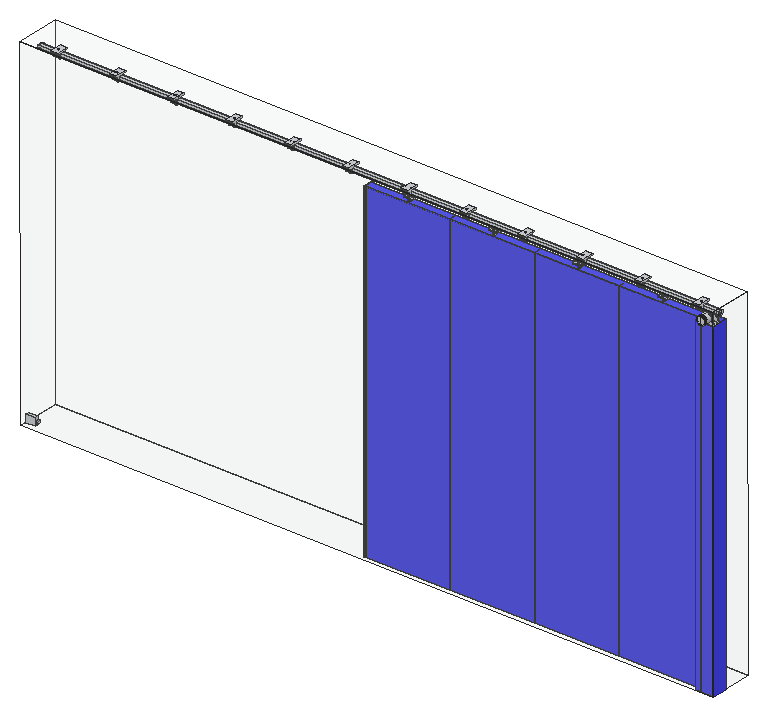
Revit family "Somati-System_SGS_Horizontal-fire-sliding-door_9040_ceiling_EI60_W-to-H-less-or-equal-1,3", category Doors, host Wall, Revit 2018
Family settings
  Host = Wall
  OmniClass Number = 23.30.10.00
  OmniClass Title = Doors
  Always vertical = Yes
  Cut with Voids When Loaded = No
  Shared = No
  Room Calculation Point = No
Parameters (values of type "EI 60")
  Youtube clip = "https://www.youtube.com/watch?v=pRjbxBvixFY&feature=emb_logo"
  Wing top offset [instance] = 88 mm  # constant formula
  Wing thickness = 71.2 mm
  Wing access (D) [instance] = [Width (W)] + 150 mm  # 3650 mm
  Width (W) [instance] = 3500 mm
  Weight Net (Kg) = "0"
  Uniformat II Description = ""
  Uniformat II Code = ""
  Uniclass 2015 Name = ""
  Uniclass 2015 Code = ""
  Uniclass 2.0 Description = ""
  Uniclass 2.0 Code = ""
  Uniclass 1.4 Description = ""
  Uniclass 1.4 Code = ""
  UNSPSC Code = ""
  Total height (Z) [instance] = Height Control + 225 mm  # 3725 mm
  Thickness = 0 mm
  Technical description = "https://somati-system.pl/en/download/sgs-download-en/"
  Region South America = "None"
  Region Oceania = "None"
  Region North America = "None"
  Region Middle East = "None"
  Region Europe = "AD, AL, AT, AX, BA, BE, BG, BY, CH, CY, CZ, DE, DK, EE, ES, FI, FO, FR, GB, GG, GI, GR, HR, HU, IE, IM, IS, IT, JE, LI, LT, LU, LV, MC, MD, ME, MK, MT, NL, NO, PL, PT, RO, RS, RU, SE, SI, SJ, SK, SM, UA, VA"
  Region Asia = "None"
  Region Antarctica = "None"
  Region Africa = "None"
  Rail and assembly materials [instance] = none
  QR code = "http://bimobject.com/somati-system/product/SGS_HORIZONTAL_FIRE_SLIDING_DOOR"
  Product url = "https://somati-system.pl/en/products/sgs-horizontal-fire-sliding-doors/"
  Product group = "SGS"
  Product family = "SGS"
  Product data url = "https://bimobject.com/somati-system/product/SGS_HORIZONTAL_FIRE_SLIDING_DOOR"
  Product certification = ""
  Product SKU = "SGS_HORIZONTAL_FIRE_SLIDING_DOOR"
  Product Guid = "8235eb12-0acf-4b60-9ca9-7613396e8d01"
  Power supply of control panel = "230V/50Hz/6A"  # constant formula
  Panel width [instance] = ([Width (W)] + 168 mm) / Number of panels in wing  # 917 mm
  Panel material = Somati - Stainless Steel - Custom
  Panel height [instance] = Height Control + Wing top offset  # 3588 mm
  OmniClass Description = ""
  OmniClass Code = ""
  Offset Right [instance] = [Counterweight housing (A2)]  # 210 mm
  Offset Left [instance] = 0 mm
  Number of panels in wing [instance] = roundup([Width (W)] / 1000 mm)  # 4
  Number of hangers [instance] = ([Guide rail length (K)] - 210 mm) / 600 mm  # 12
  Nominal width = 0 mm
  Nominal height = 0 mm
  NBS Reference Description = ""
  NBS Reference Code = ""
  Model = "SGS"  # constant formula
  Max number of opening cycles = 50000  # constant formula
  Material secondary = "Composite"
  Material main = "Steel"
  Masterformat 2014 Description = ""
  Masterformat 2014 Code = ""
  Manufacturer name = "Somati System"
  Manufacturer country = "Poland"
  Manufacturer = "Somati System"  # constant formula
  Installation instructions = ""
  IFC Classification = ""
  Height Control [instance] = if([Height (H)] > 3500 mm, 3500 mm, [Height (H)])  # 3500 mm
  Height (H) [instance] = 4000 mm
  Guide rail lower edge (B1) [instance] = Height Control + 160 mm  # 3660 mm
  Guide rail length (K) [instance] = [Wing access (D)] + [Width (W)] + [Counterweight housing (A2)]  # 7360 mm
  Gate Control type = "Electromagnetic brake"  # constant formula
  GTIN code = ""
  Function = Interior
  Height = 3000 mm
  Wall Closure = By host
  Width = 3000 mm
  Fire resistance = "EI 60, EI 120 n"  # constant formula
  Edition number = 1
  Design country = "Poland"
  Date of publishing = ""
  Counterweight housing (A2) [instance] = if([Width (W)] / Height Control > 1.3, 360 mm, 210 mm)  # 210 mm
  Console mounting axis (B2) [instance] = if(Height Control > 3500 mm, Height Control + 239 mm, Height Control + 179 mm)  # 3679 mm
  Clearance Area Visibility [instance] = yes
  COBIe Type Category = ""
  Buffer (A1) [instance] = [Wing access (D)] + 130 mm  # 3780 mm
  Brand url = ""
  BIMobject main category code = "doors"
  BIMobject main category = "Doors"
  BIMobject category code = "doors-fire"
  BIMobject category = "Fire Doors & Shutters"
  Available surface fnish = "Galvanized Stainless Steel PVC, MDF, HDF, laminate or veneer, STANDARD RAL 7035, 9002, 9006, 9010, and powder coating of whole RAL pallet"  # constant formula
Reference planes
  plane 1: y = 0
  plane 2 "Center (Left/Right)": x = 0
  plane 3 "Left": x = -1750
  plane 4 "Right": x = 1750
  plane 5 "Cutout height": z = 3500
  plane 6 "Exterior": y = 150
  plane 7 "Interior": y = -150
  plane 8 "Consoles mounting axis": z = 3679
  plane 9 "Total height top": z = 3725
  plane 10 "Guide rail bottom": z = 3660
  plane 11 "Wing access": x = -5400
  plane 12 "Buffer placement": x = -5530
  plane 13 "Counterweight housing": x = 1960
  plane 14 "Handle": z = 1050
  plane 15 "Wing end left": x = -1858
  plane 16 "Wing end top": z = 3588
  plane 17 "Wing end right": x = 1810
  plane 18: y = -324
  plane 19 "Wing axis": y = -225.5
  plane 20: y = -75
  plane 21: y = -184.9
  plane 22: y = -266.1
  plane 23: x = -1860
  plane 24 "end of hangers": x = -5190
  plane 25: x = -1040
  plane 26: x = -1795
  plane 27: y = -291.1
  plane 28: y = -159.9
  plane 29: x = -5740
  plane 30: x = -5539
  plane 31: x = -5639.5
  plane 32: x = 1960
  plane 33: x = -5530
  plane 34: x = -5635
  plane 35: z = 3654
  plane 36: x = 1885
Forms (mm)
  Sweep 1, solid
    path origin (0, -150, 0) x (1, 0, 0) y (0, 0, 1)
      loop
        line (-1750, 0) -> (-1750, 3482) -> (1750, 3482)
    profile origin (-1750, -150, 1741) x (-1, 0, 0) y (0, -1, 0)
      loop
        line (20, 33) -> (20, 4)
        arc (20, 4) -> (21.172, 1.172) -> (24, 0) r 4
        line (24, 0) -> (66, 0)
        arc (66, 0) -> (68.828, 1.172) -> (70, 4) r 4
        line (70, 4) -> (70, 29)
        arc (70, 29) -> (70.586, 30.414) -> (72, 31) r 2
        line (72, 31) -> (93, 31) -> (93, 33) -> (20, 33)
  Sweep 2, solid, material "Somati - Stainless Steel - Custom" <- "Panel material"
    path origin (0, -150, 0) x (1, 0, 0) y (0, 0, 1)
      loop
        line (-1858, 3588) -> (-1858, 0)
    profile origin (-1858, -150, 1794) x (0, -1, 0) y (1, 0, 0)
      loop
        arc (18.1, 2) -> (19.272, -0.828) -> (22.1, -2) r 4
        line (22.1, -2) -> (114.1, -2)
        arc (114.1, -2) -> (116.928, -0.828) -> (118.1, 2) r 4
        line (118.1, 2) -> (118.1, 13) -> (116.1, 13) -> (116.1, 2)
        arc (116.1, 2) -> (115.514, 0.586) -> (114.1, 0) r 2
        line (114.1, 0) -> (22.1, 0)
        arc (22.1, 0) -> (20.686, 0.586) -> (20.1, 2) r 2
        line (20.1, 2) -> (20.1, 23) -> (18.1, 23) -> (18.1, 2)
  Sweep 3, solid, material "Somati - Stainless Steel - Custom" <- "Panel material"
    path origin (0, -150, 0) x (1, 0, 0) y (0, 0, 1)
      loop
        line (-1860, 3588) -> (1810, 3588)
    profile origin (-25, -150, 3588) x (0, 0, 1) y (0, -1, 0)
      loop
        line (-23, 19.5) -> (-23, 17.5) -> (-2, 17.5)
        arc (-2, 17.5) -> (0.828, 18.672) -> (2, 21.5) r 4
        line (2, 21.5) -> (2, 117.5) -> (0, 117.5) -> (0, 21.5)
        arc (0, 21.5) -> (-0.586, 20.086) -> (-2, 19.5) r 2
        line (-2, 19.5) -> (-23, 19.5)
  Sweep 4, solid, material "Somati - Stainless Steel - Custom" <- "Panel material"
    path origin (0, -150, 0) x (1, 0, 0) y (0, 0, 1)
      loop
        line (1960, 3588) -> (1960, 0)
    profile origin (1960, -150, 1794) x (0, -1, 0) y (1, 0, 0)
      loop
        line (161, -198) -> (161, 0) -> (0, 0) -> (0, -201) -> (33, -201) -> (33, -152) -> (124, -152) -> (124, -198) -> (161, -198)
      loop
        line (2, -150) -> (127, -150) -> (127, -195) -> (157, -195) -> (157, -3) -> (2, -3) -> (2, -150)
  Sweep 5, solid, material <- "Rail and assembly materials"
    path origin (0, -150, -4.5) x (1, 0, 0) y (0, 0, 1)
      loop
        line (-5400, 3664.5) -> (1960, 3664.5)
    profile origin (-1720, -150, 3660) x (0, 0, 1) y (0, -1, 0)
      loop
        line (0, 85.481) -> (3, 85.481) -> (3, 92.751)
        arc (3, 92.751) -> (3.18, 93.314) -> (3.654, 93.668) r 0.97
        line (3.654, 93.668) -> (17.063, 98.286)
        arc (17.063, 98.286) -> (17.637, 98.432) -> (18.228, 98.481) r 3.578
        line (18.228, 98.481) -> (41.023, 98.481)
        arc (41.023, 98.481) -> (41.714, 98.195) -> (42, 97.504) r 0.977
        line (42, 97.504) -> (42, 53.496)
        arc (42, 53.496) -> (41.703, 52.778) -> (40.985, 52.481) r 1.015
        line (40.985, 52.481) -> (18.23, 52.481)
        arc (18.23, 52.481) -> (17.637, 52.53) -> (17.06, 52.677) r 3.593
        line (17.06, 52.677) -> (3.641, 57.298)
        arc (3.641, 57.298) -> (3.177, 57.645) -> (3, 58.198) r 0.951
        line (3, 58.198) -> (3, 65.481) -> (0, 65.481) -> (0, 56.09)
        arc (0, 56.09) -> (0.207, 55.481) -> (0.742, 55.124) r 1
        line (0.742, 55.124) -> (16.089, 49.838)
        arc (16.089, 49.838) -> (17, 49.571) -> (17.945, 49.481) r 5
        line (17.945, 49.481) -> (42, 49.481)
        arc (42, 49.481) -> (44.121, 50.36) -> (45, 52.481) r 3
        line (45, 52.481) -> (45, 98.481)
        arc (45, 98.481) -> (44.121, 100.602) -> (42, 101.481) r 3
        line (42, 101.481) -> (17.945, 101.481)
        arc (17.945, 101.481) -> (17, 101.391) -> (16.089, 101.123) r 5
        line (16.089, 101.123) -> (0.742, 95.838)
        arc (0.742, 95.838) -> (0.207, 95.481) -> (0, 94.872) r 1
        line (0, 94.872) -> (0, 85.481)
  Extrusion 6, solid, material "Clearance Areas", visible <- "Clearance Area Visibility"
    sketch origin (-2209.467, 358.585, 220.701) x (1, 0, 0) y (0, 0, -1)
      loop
        line (-3320.533, 220.701) -> (-3320.533, -3504.299) -> (4169.467, -3504.299) -> (4169.467, 220.701) -> (-3320.533, 220.701)
    from -682.585 to -208.585
  Sweep 7, solid, material "Somati - Stainless Steel - Custom" <- "Panel material"
    path origin (0, -150, 0) x (1, 0, 0) y (0, 0, 1)
      loop
        line (1750, 0) -> (1750, 3588)
    profile origin (1750, -150, 1794) x (-1, 0, 0) y (0, -1, 0)
      loop
        line (-9, 0) -> (-9, 33) -> (-58, 33) -> (-58, 124) -> (-12, 124) -> (-12, 161) -> (-60, 161) -> (-60, 0) -> (-9, 0)
Lines and regions (mm)
  Opening 1
    outline origin (-3050, -150, 0) x (1, 0, 0) y (0, 0, 1)
      loop
        line (1300, 0) -> (4800, 0) -> (4800, 3500) -> (1300, 3500) -> (1300, 0)
Text (mm)
  text "Exterior" at (-2295.016, 1099.543, 0), in view "Ref. Level"
  text "Exterior" at (0, 1615.38, 3698.081), in view "Left"
  text "Exterior" at (0, 1036.032, 3874.932), in view "Right"
Dimensions and locks
  equal spacing: plane 3 "Left", plane 2 "Center (Left/Right)", plane 4 "Right"
  "Width (W)": plane 3 "Left" to plane 4 "Right"
  "Height Control": plane 5 "Cutout height" to host wall
  host wall to plane 5 "Cutout height" = 3500 mm  (x2)
  locked: plane 6 "Exterior" to host wall at 0
  locked: plane 7 "Interior" to host wall
  "Total height (Z)": plane 9 "Total height top" to level
  "Console mounting axis (B2)": plane 8 "Consoles mounting axis" to level
  "Guide rail lower edge (B1)": plane 10 "Guide rail bottom" to level
  "Buffer (A1)": plane 12 "Buffer placement" to plane 3 "Left"
  "Counterweight housing (A2)": plane 4 "Right" to plane 13 "Counterweight housing"
  "Wing access (D)": plane 11 "Wing access" to plane 3 "Left"
  locked: plane 14 "Handle" to level at 1050
  equal spacing: plane 21, plane 19 "Wing axis", plane 22
  equal spacing: group 1, group 6, group 14, group 2  (x3)
  locked: plane 4 "Right" to plane 17 "Wing end right" at 60
  "Wing top offset": plane 16 "Wing end top" to plane 5 "Cutout height"
  locked: plane 23 to plane 15 "Wing end left" at 2
  locked: Sweep 1 sketch curve to plane 5 "Cutout height" at 18
  locked: plane 24 "end of hangers" to plane 11 "Wing access" at 210
  equal spacing: group 4, group 16, group 15, group 13, group 12, group 11, group 10, group 9, group 8, group 7, group 5, group 3
  equal spacing: group 3, group 5, group 7, group 8, group 9, group 10, group 11, group 12, group 13, group 15, group 16, group 4  (x2)
  locked: plane 26 to plane 3 "Left" at 45
  locked: plane 28 to plane 21 at 25
  locked: plane 22 to plane 27 at 25
  plane 15 "Wing end left" to plane 3 "Left" = 108 mm
  locked: Sweep 4 to plane 19 "Wing axis" at 85.5
  locked: Sweep 4 sketch curve to Sweep 4 sketch curve at 3
  "Counterweight housing (A2)": plane 29 to plane 12 "Buffer placement"
  locked: plane 30 to plane 12 "Buffer placement" at 9
  equal spacing: plane 30, plane 31, plane 29
  "Offset Left": plane 33 to plane 12 "Buffer placement"
  "Offset Right": plane 4 "Right" to plane 32
  equal spacing: plane 29, plane 34, plane 12 "Buffer placement"
  locked: plane 35 to plane 16 "Wing end top" at 66
  equal spacing: plane 17 "Wing end right", plane 36, plane 32
  locked: plane 19 "Wing axis" to host wall at 75.5
  aligned and locked: plane 3 "Left" to Opening 1 sketch curve
  aligned and locked: plane 5 "Cutout height" to Opening 1 sketch curve  (x2)
  aligned and locked: Opening 1 sketch curve to plane 4 "Right"
  aligned and locked: Opening 1 sketch curve to level
  aligned and locked: host wall to plane 1
  aligned and locked: nested 1 to plane 19 "Wing axis"
  aligned and locked: plane 15 "Wing end left" to nested 1
  aligned and locked: plane 17 "Wing end right" to nested 2
  aligned and locked: Sweep 1 sketch curve to plane 3 "Left"
  aligned and locked: plane 3 "Left" to Sweep 1 sketch curve
  aligned and locked: plane 4 "Right" to Sweep 1 sketch curve
  aligned and locked: level to Sweep 1 sketch curve
  aligned and locked: Sweep 2 sketch curve to plane 15 "Wing end left"
  aligned and locked: plane 16 "Wing end top" to Sweep 2 sketch curve
  aligned and locked: level to Sweep 2 sketch curve
  aligned and locked: Sweep 3 sketch curve to plane 16 "Wing end top"
  aligned and locked: Sweep 3 sketch curve to plane 23
  aligned and locked: plane 16 "Wing end top" to Sweep 4 sketch curve
  aligned and locked: plane 17 "Wing end right" to Sweep 3 sketch curve
  aligned and locked: nested 3 to plane 9 "Total height top"
  aligned and locked: plane 19 "Wing axis" to nested 3
  aligned and locked: plane 4 "Right" to nested 3
  aligned and locked: nested 4 to plane 24 "end of hangers"
  aligned and locked: nested 4 to plane 9 "Total height top"
  aligned and locked: plane 6 "Exterior" to Extrusion 6
  aligned and locked: plane 13 "Counterweight housing" to Extrusion 6
  aligned and locked: Extrusion 6 to plane 12 "Buffer placement"
  aligned and locked: Extrusion 6 to plane 18
  aligned and locked: plane 9 "Total height top" to Extrusion 6
  aligned and locked: nested 2 to plane 19 "Wing axis"
  aligned and locked: plane 19 "Wing axis" to nested 4
  aligned and locked: plane 22 to Sweep 2
  aligned and locked: profile plane to Sweep 4 sketch curve
  aligned and locked: plane 17 "Wing end right" to Sweep 4 sketch curve
  aligned and locked: nested 6 to plane 19 "Wing axis"
  aligned and locked: nested 6 to plane 12 "Buffer placement"
  aligned and locked: Sweep 7 sketch curve to plane 4 "Right"
  aligned and locked: plane 16 "Wing end top" to Sweep 7 sketch curve
  aligned and locked: plane 32 to Sweep 5 sketch curve
  aligned and locked: Sweep 5 sketch curve to plane 10 "Guide rail bottom"
  aligned and locked: plane 11 "Wing access" to Sweep 5 sketch curve
  aligned and locked: nested 15 to plane 35
  aligned and locked: nested 15 to plane 19 "Wing axis"
  aligned and locked: plane 36 to nested 15
Automatic sketch dimensions
  plane 7 "Interior" to Sweep 1 sketch curve = 0 mm
  Sweep 1 sketch curve to profile plane = 20 mm
  Sweep 1 sketch curve to Sweep 1 sketch curve = 4 mm
  plane 7 "Interior" to Sweep 1 sketch curve = 4 mm
  Sweep 1 sketch curve to Sweep 1 sketch curve = 42 mm
  Sweep 1 sketch curve to Sweep 1 sketch curve = 2 mm
  Sweep 1 sketch curve to Sweep 1 sketch curve = 21 mm
  Sweep 1 sketch curve to Sweep 1 sketch curve = 25 mm
  Sweep 1 sketch curve to Sweep 1 sketch curve = 29 mm
  Sweep 2 sketch curve to Sweep 2 sketch curve = 0 mm  (x4)
  Sweep 2 sketch curve to profile plane = 0 mm
  Sweep 2 sketch curve to profile plane = 2 mm  (x2)
  plane 7 "Interior" to Sweep 2 sketch curve = 18.1 mm
  Sweep 2 sketch curve to Sweep 2 sketch curve = 2 mm
  Sweep 2 sketch curve to Sweep 2 sketch curve = 92 mm
  Sweep 2 sketch curve to Sweep 2 sketch curve = 11 mm
  Sweep 2 sketch curve to Sweep 2 sketch curve = 21 mm
  Sweep 3 sketch curve to Sweep 3 sketch curve = 0 mm  (x2)
  profile plane to Sweep 3 sketch curve = 0 mm
  profile plane to Sweep 3 sketch curve = 2 mm
  Sweep 3 sketch curve to Sweep 3 sketch curve = 21 mm
  Sweep 3 sketch curve to Sweep 3 sketch curve = 2 mm
  plane 7 "Interior" to Sweep 3 sketch curve = 17.5 mm
  Sweep 3 sketch curve to Sweep 3 sketch curve = 96 mm
  Sweep 4 sketch curve to level = 0 mm
  Sweep 4 sketch curve to plane 13 "Counterweight housing" = 0 mm
  plane 7 "Interior" to Sweep 4 sketch curve = 0 mm
  plane 7 "Interior" to Sweep 4 sketch curve = 2 mm
  Sweep 4 sketch curve to Sweep 4 sketch curve = 31 mm
  Sweep 4 sketch curve to Sweep 4 sketch curve = 91 mm
  Sweep 4 sketch curve to Sweep 4 sketch curve = 3 mm  (x2)
  Sweep 4 sketch curve to Sweep 4 sketch curve = 30 mm
  Sweep 4 sketch curve to Sweep 4 sketch curve = 4 mm
  Sweep 4 sketch curve to Sweep 4 sketch curve = 2 mm
  Sweep 4 sketch curve to Sweep 4 sketch curve = 45 mm
  Sweep 4 sketch curve to Sweep 4 sketch curve = 49 mm
  Extrusion 6 sketch curve to plane 9 "Total height top" = 0 mm
  Extrusion 6 sketch curve to plane 12 "Buffer placement" = 0 mm
  Extrusion 6 sketch curve to plane 13 "Counterweight housing" = 0 mm
  Extrusion 6 sketch curve to level = 0 mm
  Sweep 7 sketch curve to plane 14 "Handle" = 1050 mm
  plane 7 "Interior" to Sweep 7 sketch curve = 0 mm
  profile plane to Sweep 7 sketch curve = 60 mm
  Sweep 7 sketch curve to Sweep 7 sketch curve = 2 mm
  profile plane to Sweep 7 sketch curve = 12 mm
  profile plane to Sweep 7 sketch curve = 9 mm
  plane 7 "Interior" to Sweep 7 sketch curve = 33 mm
  Sweep 7 sketch curve to Sweep 7 sketch curve = 91 mm
  Sweep 7 sketch curve to Sweep 7 sketch curve = 37 mm
  profile plane to Sweep 5 sketch curve = 0 mm  (x2)
  Sweep 5 sketch curve to Sweep 5 sketch curve = 0.742 mm  (x2)
  Sweep 5 sketch curve to Sweep 5 sketch curve = 1 mm  (x2)
  Sweep 5 sketch curve to Sweep 5 sketch curve = 3 mm  (x3)
  Sweep 5 sketch curve to Sweep 5 sketch curve = 0.641 mm
  Sweep 5 sketch curve to Sweep 5 sketch curve = 0.654 mm
  Sweep 5 sketch curve to Sweep 5 sketch curve = 0.951 mm
  Sweep 5 sketch curve to Sweep 5 sketch curve = 0.97 mm
  Sweep 5 sketch curve to Sweep 5 sketch curve = 12.435 mm
  Sweep 5 sketch curve to Sweep 5 sketch curve = 12.447 mm
  Sweep 5 sketch curve to Sweep 5 sketch curve = 0.972 mm
  Sweep 5 sketch curve to Sweep 5 sketch curve = 0.974 mm
  Sweep 5 sketch curve to Sweep 5 sketch curve = 1.857 mm
  Sweep 5 sketch curve to Sweep 5 sketch curve = 0.885 mm
  Sweep 5 sketch curve to Sweep 5 sketch curve = 0.282 mm
  Sweep 5 sketch curve to Sweep 5 sketch curve = 1.17 mm
  Sweep 5 sketch curve to Sweep 5 sketch curve = 22.755 mm
  Sweep 5 sketch curve to Sweep 5 sketch curve = 22.795 mm
  Sweep 5 sketch curve to Sweep 5 sketch curve = 1.015 mm  (x2)
  Sweep 5 sketch curve to Sweep 5 sketch curve = 0 mm
  plane 7 "Interior" to Sweep 5 sketch curve = 49.481 mm
  Sweep 5 sketch curve to Sweep 5 sketch curve = 0.357 mm
  Sweep 5 sketch curve to Sweep 5 sketch curve = 2 mm
  Sweep 5 sketch curve to Sweep 5 sketch curve = 0.196 mm
  Sweep 5 sketch curve to Sweep 5 sketch curve = 5.286 mm
  Sweep 5 sketch curve to Sweep 5 sketch curve = 1.208 mm
  Sweep 5 sketch curve to Sweep 5 sketch curve = 7.283 mm
  Sweep 5 sketch curve to Sweep 5 sketch curve = 20 mm
  Sweep 5 sketch curve to Sweep 5 sketch curve = 7.27 mm
  Sweep 5 sketch curve to Sweep 5 sketch curve = 2.121 mm
  Sweep 5 sketch curve to Sweep 5 sketch curve = 2.152 mm
  Sweep 5 sketch curve to Sweep 5 sketch curve = 1.578 mm
  Sweep 5 sketch curve to Sweep 5 sketch curve = 2.601 mm
  Sweep 5 sketch curve to Sweep 5 sketch curve = 0.977 mm
Nested families
  nested 1: "Family2" at (-1399.5, -225.5, 0), Material <- "Panel material", Width <- "Panel width", Thickness <- "Wing thickness", Height <- "Panel height", type "Family2"
    with Width 917 mm, Thickness 71.2 mm, Material Somati - Stainless Steel - Custom, Height 3588 mm
  nested 2: "Family2" at (1351.5, -225.5, 0), Material <- "Panel material", Width <- "Panel width", Thickness <- "Wing thickness", Height <- "Panel height", type "Family2"
    with Width 917 mm, Thickness 71.2 mm, Material Somati - Stainless Steel - Custom, Height 3588 mm
  nested 3: "Family3" at (1716, -225.5, 3725) x (0, 1, 0) z (1, 0, 0), type "Family3", detail levels medium+fine
  nested 4: "Family3" at (-5224, -225.5, 3725) x (0, 1, 0) z (1, 0, 0), type "Family3", detail levels medium+fine
  nested 5: "Family3" at (1085.091, -225.5, 3725) x (0, 1, 0) z (1, 0, 0), type "Family3", detail levels medium+fine
  nested 6: "Stopper" at (-5480.037, -225.5, 0), type "Stopper", detail levels medium+fine
  nested 7: "Family2" at (-482.5, -225.5, 0), Material <- "Panel material", Width <- "Panel width", Thickness <- "Wing thickness", Height <- "Panel height", type "Family2"
    with Width 917 mm, Thickness 71.2 mm, Material Somati - Stainless Steel - Custom, Height 3588 mm
  nested 8: "Family3" at (454.182, -225.5, 3725) x (0, 1, 0) z (1, 0, 0), type "Family3", detail levels medium+fine
  nested 9: "Family3" at (-176.727, -225.5, 3725) x (0, 1, 0) z (1, 0, 0), type "Family3", detail levels medium+fine
  nested 10: "Family3" at (-807.636, -225.5, 3725) x (0, 1, 0) z (1, 0, 0), type "Family3", detail levels medium+fine
  nested 11: "Family3" at (-1438.545, -225.5, 3725) x (0, 1, 0) z (1, 0, 0), type "Family3", detail levels medium+fine
  nested 12: "Family3" at (-2069.455, -225.5, 3725) x (0, 1, 0) z (1, 0, 0), type "Family3", detail levels medium+fine
  nested 13: "Family3" at (-2700.364, -225.5, 3725) x (0, 1, 0) z (1, 0, 0), type "Family3", detail levels medium+fine
  nested 14: "Family3" at (-3331.273, -225.5, 3725) x (0, 1, 0) z (1, 0, 0), type "Family3", detail levels medium+fine
  nested 15: "brake" at (1885, -225.5, 3633.165) x (1, 0, 0) z (0, -1, 0), type "brake"
  nested 16: "Family2" at (434.5, -225.5, 0), Material <- "Panel material", Width <- "Panel width", Thickness <- "Wing thickness", Height <- "Panel height", type "Family2"
    with Width 917 mm, Thickness 71.2 mm, Material Somati - Stainless Steel - Custom, Height 3588 mm
  nested 17: "Family3" at (-3962.182, -225.5, 3725) x (0, 1, 0) z (1, 0, 0), type "Family3", detail levels medium+fine
  nested 18: "Family3" at (-4593.091, -225.5, 3725) x (0, 1, 0) z (1, 0, 0), type "Family3", detail levels medium+fine
Definition of nested family "Family2"
  Parameters (values of type "Family2")
    Width [instance] = 349.761 mm
    Thickness [instance] = 117.742 mm
    Material [instance] = none
    Height [instance] = 398.765 mm
    Hardware material = none
  Reference planes
    plane 1 "Center (Front/Back)": y = 0
    plane 2: z = 0
    plane 3 "Center (Left/Right)": x = 0
    plane 4: x = -174.88
    plane 5: x = 174.88
    plane 6: y = 58.871
    plane 7: y = -58.871
    plane 8: z = 398.765
  Forms (mm)
    Extrusion 1, solid, material <- "Material"
      sketch origin (0, 0, 0) x (1, 0, 0) y (0, 1, 0)
        loop
          line (-174.88, -58.871) -> (174.88, -58.871) -> (174.88, 58.871) -> (-174.88, 58.871) -> (-174.88, -58.871)
      from 0 to 398.765
  Dimensions and locks
    equal spacing: plane 4, plane 3 "Center (Left/Right)", plane 5
    "Width": plane 4 to plane 5
    equal spacing: plane 6, plane 1 "Center (Front/Back)", plane 7
    "Thickness": plane 6 to plane 7
    "Height": plane 8 to plane 2
    aligned and locked: level to plane 2
    aligned and locked: plane 6 to Extrusion 1
    aligned and locked: Extrusion 1 to plane 7
    aligned and locked: Extrusion 1 to plane 4
    aligned and locked: plane 5 to Extrusion 1
    aligned and locked: plane 6 to Extrusion 1 sketch curve
    aligned and locked: Extrusion 1 sketch curve to plane 7
    aligned and locked: Extrusion 1 sketch curve to plane 4
    aligned and locked: plane 5 to Extrusion 1 sketch curve
    aligned and locked: plane 8 to Extrusion 1
    aligned and locked: plane 3 "Center (Left/Right)" to nested 1
    aligned and locked: plane 1 "Center (Front/Back)" to nested 1
    aligned and locked: nested 1 to plane 8
  Nested families
    nested 1: "Family1" at (0, 0, 491.765), type "Family1", detail levels medium+fine
  Definition of nested family "Family1"
    Parameters (values of type "Family1")
      Material = none
    Reference planes
      plane 1 "Center (Front/Back)": y = 0
      plane 2: z = 0
      plane 3 "Center (Left/Right)": x = 0
      plane 4: y = 1.5
      plane 5: y = -1.5
      plane 6: z = -93
    Forms (mm)
      Extrusion 1, solid, material <- "Material"
        sketch origin (0, 0, 0) x (0, 1, 0) y (0, 0, 1)
          loop
            line (11, -54) -> (-26.5, -54) -> (-26.5, -60) -> (11, -60)
            arc (11, -60) -> (16.303, -57.803) -> (18.5, -52.5) r 7.5
            line (18.5, -52.5) -> (18.5, -45.5)
            arc (18.5, -45.5) -> (16.303, -40.197) -> (11, -38) r 7.5
            line (11, -38) -> (9, -38)
            arc (9, -38) -> (4.757, -36.243) -> (3, -32) r 6
            line (3, -32) -> (3, 17.5) -> (-3, 17.5) -> (-3, -32)
            arc (-3, -32) -> (0.515, -40.485) -> (9, -44) r 12
            line (9, -44) -> (11, -44)
            arc (11, -44) -> (12.061, -44.439) -> (12.5, -45.5) r 1.5
            line (12.5, -45.5) -> (12.5, -52.5)
            arc (12.5, -52.5) -> (12.061, -53.561) -> (11, -54) r 1.5
        from -45 to 45
      Revolve 2, solid, material <- "Material"
        sketch origin (0, 0, 0) x (1, 0, 0) y (0, 0, 1)
          loop
            arc (8.25, -46) -> (4.244, -44.507) -> (0, -44) r 18.016
            line (0, -44) -> (0, -184) -> (6.5, -184) -> (8, -182.5) -> (8, -91) -> (10.125, -91)
            arc (10.125, -91) -> (11.933, -90.664) -> (13.5, -89.7) r 5.031
            line (13.5, -89.7) -> (13.5, -84.8)
            arc (13.5, -84.8) -> (12.037, -83.478) -> (10.125, -83) r 4.064
            line (10.125, -83) -> (8, -83) -> (8, -71) -> (10.125, -71)
            arc (10.125, -71) -> (11.933, -70.664) -> (13.5, -69.7) r 5.031
            line (13.5, -69.7) -> (13.5, -64.8)
            arc (13.5, -64.8) -> (12.037, -63.478) -> (10.125, -63) r 4.064
            line (10.125, -63) -> (15, -63) -> (15, -60) -> (8, -60) -> (8, -54) -> (16.5, -54) -> (16.5, -46)
            arc (16.5, -46) -> (12.375, -44) -> (8.25, -46) r 5.254
          axis (0, -44) -> (0, -184)
        angle from 0 to 360
      Extrusion 3, void
        sketch origin (0, 0, 0) x (1, 0, 0) y (0, 0, 1)
          loop
            line (45, -25) -> (45, 17.5) -> (-45, 17.5) -> (-45, -25)
            arc (-45, -25) -> (0, 15) -> (45, -25) r 45.312
        from -23 to 30.5
      Extrusion 4, solid, material <- "Material"
        sketch origin (0, 0, 0) x (1, 0, 0) y (0, 0, 1)
          loop
            circle (70, 0) r 17
        from -17 to -7
      Sweep 5, void
        path in 3D
          loop
            arc (87, 7, 0) -> (70, 7, -17) -> (53, 7, 0) r 17
            arc (53, 7, 0) -> (70, 7, 17) -> (87, 7, 0) r 17
        profile origin (70, 7, 17) x (0, 0, 1) y (0, -1, 0)
          loop
            line (-1.5, 0) -> (0, -1.5) -> (0.954, -0.546) -> (-0.546, 0.954) -> (-1.5, 0)
      Sweep 6, void
        path in 3D
          loop
            arc (87, 17, 0) -> (70, 17, -17) -> (53, 17, 0) r 17
            arc (53, 17, 0) -> (70, 17, 17) -> (87, 17, 0) r 17
        profile origin (70, 17, 17) x (0, 0, -1) y (0, 1, 0)
          loop
            line (1.5, 0) -> (0.546, 0.954) -> (-0.954, -0.546) -> (0, -1.5) -> (1.5, 0)
      Extrusion 7, solid, material <- "Material"
        sketch origin (0, 0, 0) x (1, 0, 0) y (0, 0, 1)
          loop
            circle (70, 0) r 9
        from -7 to -3
      Extrusion 8, solid, material <- "Material"
        sketch origin (0, 0, 0) x (1, 0, 0) y (0, 0, -1)
          loop
            circle (70, 0) r 17
        from -17 to -7
      Sweep 9, void
        path in 3D
          loop
            arc (53, -7, 0) -> (70, -7, -17) -> (87, -7, 0) r 17
            arc (87, -7, 0) -> (70, -7, 17) -> (53, -7, 0) r 17
        profile origin (70, -7, 17) x (0, 0, 1) y (0, 1, 0)
          loop
            line (-1.5, 0) -> (0, -1.5) -> (0.954, -0.546) -> (-0.546, 0.954) -> (-1.5, 0)
      Sweep 10, void
        path in 3D
          loop
            arc (87, -17, 0) -> (70, -17, -17) -> (53, -17, 0) r 17
            arc (53, -17, 0) -> (70, -17, 17) -> (87, -17, 0) r 17
        profile origin (70, -17, 17) x (0, 0, 1) y (0, -1, 0)
          loop
            line (-1.5, 0) -> (0, -1.5) -> (0.954, -0.546) -> (-0.546, 0.954) -> (-1.5, 0)
      Extrusion 11, solid, material <- "Material"
        sketch origin (0, 0, 0) x (1, 0, 0) y (0, 0, -1)
          loop
            circle (70, 0) r 9
        from -7 to -3
      Extrusion 12, solid, material <- "Material"
        sketch origin (0, 0, 0) x (-1, 0, 0) y (0, 0, -1)
          loop
            circle (70, 0) r 17
        from -17 to -7
      Sweep 13, void
        path in 3D
          loop
            arc (-53, 7, 0) -> (-70, 7, -17) -> (-87, 7, 0) r 17
            arc (-87, 7, 0) -> (-70, 7, 17) -> (-53, 7, 0) r 17
        profile origin (-70, 7, 17) x (0, 0, 1) y (0, -1, 0)
          loop
            line (-1.5, 0) -> (0, -1.5) -> (0.954, -0.546) -> (-0.546, 0.954) -> (-1.5, 0)
      Sweep 14, void
        path in 3D
          loop
            arc (-87, 17, 0) -> (-70, 17, -17) -> (-53, 17, 0) r 17
            arc (-53, 17, 0) -> (-70, 17, 17) -> (-87, 17, 0) r 17
        profile origin (-70, 17, 17) x (0, 0, 1) y (0, 1, 0)
          loop
            line (-1.5, 0) -> (0, -1.5) -> (0.954, -0.546) -> (-0.546, 0.954) -> (-1.5, 0)
      Extrusion 15, solid, material <- "Material"
        sketch origin (0, 0, 0) x (-1, 0, 0) y (0, 0, -1)
          loop
            circle (70, 0) r 9
        from -7 to -1.5
      Extrusion 16, solid, material <- "Material"
        sketch origin (0, 0, 0) x (-1, 0, 0) y (0, 0, 1)
          loop
            circle (70, 0) r 17
        from -17 to -7
      Sweep 17, void
        path in 3D
          loop
            arc (-87, -7, 0) -> (-70, -7, -17) -> (-53, -7, 0) r 17
            arc (-53, -7, 0) -> (-70, -7, 17) -> (-87, -7, 0) r 17
        profile origin (-70, -7, 17) x (0, 0, 1) y (0, 1, 0)
          loop
            line (-1.5, 0) -> (0, -1.5) -> (0.954, -0.546) -> (-0.546, 0.954) -> (-1.5, 0)
      Sweep 18, void
        path in 3D
          loop
            arc (-87, -17, 0) -> (-70, -17, -17) -> (-53, -17, 0) r 17
            arc (-53, -17, 0) -> (-70, -17, 17) -> (-87, -17, 0) r 17
        profile origin (-70, -17, 17) x (0, 0, -1) y (0, -1, 0)
          loop
            line (1.5, 0) -> (0.546, 0.954) -> (-0.954, -0.546) -> (0, -1.5) -> (1.5, 0)
      Extrusion 19, solid, material <- "Material"
        sketch origin (0, 0, 0) x (-1, 0, 0) y (0, 0, 1)
          loop
            circle (70, 0) r 9
        from -7 to -1.5
      Extrusion 20, solid, material <- "Material"
        sketch origin (0, 0, 0) x (1, 0, 0) y (0, 0, 1)
          loop
            line (87, 17.5) -> (-87, 17.5)
            arc (-87, 17.5) -> (-89.121, 16.621) -> (-90, 14.5) r 3
            line (-90, 14.5) -> (-90, -14.5)
            arc (-90, -14.5) -> (-89.121, -16.621) -> (-87, -17.5) r 3
            line (-87, -17.5) -> (-50, -17.5) -> (-50, -12.5) -> (-24.592, -12.5) -> (24.592, -12.5) -> (50, -12.5) -> (50, -17.5) -> (87, -17.5)
            arc (87, -17.5) -> (89.121, -16.621) -> (90, -14.5) r 3
            line (90, -14.5) -> (90, 14.5)
            arc (90, 14.5) -> (89.121, 16.621) -> (87, 17.5) r 3
        from -1.5 to 1.5
      Revolve 21, solid, material <- "Material"
        sketch origin (0, 0, 0) x (0, 1, 0) y (0, 0, 1)
          loop
            arc (-22.5, -52.2) -> (-24.522, -52.351) -> (-26.5, -52.8) r 13.633
            line (-26.5, -52.8) -> (-26.5, -54) -> (-22.5, -54) -> (-22.5, -52.2)
          axis (-22.5, -54) -> (-22.5, -52.2)
        angle from 0 to 360
    Cuts and joins
      Extrusion 3 cuts Extrusion 1
      Sweep 5, Sweep 6, Sweep 9, Sweep 10, Sweep 13, Sweep 14 cuts Extrusion 4
      Sweep 9, Sweep 10, Sweep 17, Sweep 18 cuts Extrusion 8
      Sweep 13, Sweep 14 cuts Extrusion 12
      Sweep 17, Sweep 18 cuts Extrusion 16
    Lines and regions (mm)
      sketch lines
        curve 1: arc (53, 7, 0) -> (70, 7, 17) -> (87, 7, 0) r 17
        curve 2: arc (87, 7, 0) -> (70, 7, -17) -> (53, 7, 0) r 17
        curve 3: arc (53, 17, 0) -> (70, 17, 17) -> (87, 17, 0) r 17
        curve 4: arc (87, 17, 0) -> (70, 17, -17) -> (53, 17, 0) r 17
        curve 5: arc (87, -7, 0) -> (70, -7, 17) -> (53, -7, 0) r 17
        curve 6: arc (53, -7, 0) -> (70, -7, -17) -> (87, -7, 0) r 17
        curve 7: arc (53, -17, 0) -> (70, -17, 17) -> (87, -17, 0) r 17
        curve 8: arc (87, -17, 0) -> (70, -17, -17) -> (53, -17, 0) r 17
        curve 9: arc (-87, 7, 0) -> (-70, 7, 17) -> (-53, 7, 0) r 17
        curve 10: arc (-53, 7, 0) -> (-70, 7, -17) -> (-87, 7, 0) r 17
        curve 11: arc (-53, 17, 0) -> (-70, 17, 17) -> (-87, 17, 0) r 17
        curve 12: arc (-87, 17, 0) -> (-70, 17, -17) -> (-53, 17, 0) r 17
        curve 13: arc (-53, -7, 0) -> (-70, -7, 17) -> (-87, -7, 0) r 17
        curve 14: arc (-87, -7, 0) -> (-70, -7, -17) -> (-53, -7, 0) r 17
        curve 15: arc (-53, -17, 0) -> (-70, -17, 17) -> (-87, -17, 0) r 17
        curve 16: arc (-87, -17, 0) -> (-70, -17, -17) -> (-53, -17, 0) r 17
    Dimensions and locks
      aligned and locked: level to plane 2
Definition of nested family "Family3"
  Parameters (values of type "Family3")
    Material = none
    Default Elevation = 1219.2 mm
  Reference planes
    plane 1 "Center (Front/Back)": y = 0
    plane 2: z = 0
    plane 3 "Center (Left/Right)": x = 0
    plane 4: z = 34
    plane 5: y = -35.027
  Forms (mm)
    Extrusion 1, solid, material <- "Material"
      sketch origin (-42.203, -131.551, 0) x (1, 0, 0) y (0, 1, 0)
        loop
          line (107.203, 121.551) -> (107.203, 131.551) -> (-22.797, 131.551) -> (-22.797, 121.551) -> (-22.797, 116.051) -> (19.203, 116.051)
          arc (19.203, 116.051) -> (13.899, 113.854) -> (11.703, 108.551) r 7.5
          line (11.703, 108.551) -> (11.703, 84.496)
          arc (11.703, 84.496) -> (11.874, 82.7) -> (12.382, 80.969) r 9.5
          line (12.382, 80.969) -> (17.498, 66.134)
          arc (17.498, 66.134) -> (19.461, 63.19) -> (22.812, 62.051) r 5.5
          line (22.812, 62.051) -> (32.203, 62.051) -> (32.203, 66.551) -> (22.812, 66.551)
          arc (22.812, 66.551) -> (22.203, 66.758) -> (21.846, 67.293) r 1
          line (21.846, 67.293) -> (16.56, 82.64)
          arc (16.56, 82.64) -> (16.293, 83.551) -> (16.203, 84.496) r 5
          line (16.203, 84.496) -> (16.203, 108.551)
          arc (16.203, 108.551) -> (17.081, 110.672) -> (19.203, 111.551) r 3
          line (19.203, 111.551) -> (65.203, 111.551)
          arc (65.203, 111.551) -> (67.324, 110.672) -> (68.203, 108.551) r 3
          line (68.203, 108.551) -> (68.203, 84.496)
          arc (68.203, 84.496) -> (68.112, 83.551) -> (67.845, 82.64) r 5
          line (67.845, 82.64) -> (62.56, 67.293)
          arc (62.56, 67.293) -> (62.203, 66.758) -> (61.593, 66.551) r 1
          line (61.593, 66.551) -> (52.203, 66.551) -> (52.203, 62.051) -> (61.593, 62.051)
          arc (61.593, 62.051) -> (64.944, 63.19) -> (66.908, 66.134) r 5.5
          line (66.908, 66.134) -> (72.023, 80.969)
          arc (72.023, 80.969) -> (72.531, 82.7) -> (72.703, 84.496) r 9.5
          line (72.703, 84.496) -> (72.703, 108.551)
          arc (72.703, 108.551) -> (70.506, 113.854) -> (65.203, 116.051) r 7.5
          line (65.203, 116.051) -> (107.203, 116.051) -> (107.203, 121.551)
      from 0 to 68
  Dimensions and locks
    aligned and locked: level to plane 2
Definition of nested family "Stopper"
  Parameters (values of type "Stopper")
    Material = none
  Reference planes
    plane 1 "Center (Front/Back)": y = 0
    plane 2: z = 0
    plane 3 "Center (Left/Right)": x = 0
  Forms (mm)
    Extrusion 1, solid
      sketch origin (0, -69.316, 40.1) x (1, 0, 0) y (0, 1, 0)
        loop
          line (-49.963, 50.816) -> (50, 50.816) -> (50, 87.816) -> (-49.963, 87.816) -> (-49.963, 50.816)
      from -40 to 40
    Revolve 2, solid, material <- "Material"
      sketch origin (0, -18.5, 40.1) x (1, 0, 0) y (0, 1, 0)
        loop
          line (50, 36.9) -> (50, 18.5) -> (67.112, 18.5) -> (67.112, 36.9) -> (50, 36.9)
        axis (50, 18.5) -> (67.112, 18.5)
      angle from 0 to 360
  Dimensions and locks
    aligned and locked: level to plane 2
Definition of nested family "brake"
  Parameters (values of type "brake")
    Material = none
    Default Elevation = 1219.2 mm
  Reference planes
    plane 1 "Center (Front/Back)": y = 0
    plane 2: z = 0
    plane 3 "Center (Left/Right)": x = 0
    plane 4: z = 0
  Forms (mm)
    Revolve 1, solid, material <- "Material", detail levels medium+fine
      sketch origin (-1.83, 20.835, 169) x (0, 1, 0) y (0, 0, -1)
        loop
          line (0, 113.55) -> (0, 0) -> (43.75, 0)
          arc (43.75, 0) -> (44.457, 0.293) -> (44.75, 1) r 1
          line (44.75, 1) -> (44.75, 14.373) -> (47.25, 17.352) -> (47.25, 76) -> (45.25, 78) -> (47.5, 78) -> (47.5, 81) -> (21.5, 81) -> (21.5, 89.5)
          arc (21.5, 89.5) -> (21.207, 90.207) -> (20.5, 90.5) r 1
          line (20.5, 90.5) -> (12.5, 90.5) -> (12.5, 93.55) -> (23, 93.55) -> (23, 95.3) -> (48, 95.3) -> (48, 97.8) -> (43.067, 101.346) -> (48, 104.8) -> (48, 107.3) -> (23, 107.3) -> (23, 109.05) -> (12, 109.05) -> (12, 110.55) -> (6, 110.55) -> (6, 112.55) -> (5, 113.55) -> (0, 113.55)
        axis (0, 113.55) -> (0, 0)
      angle from 0 to 360
    Revolve 2, solid, material <- "Material", detail levels medium+fine
      sketch origin (-49.158, 19.721, 169) x (0, 1, 0) y (0, 0, -1)
        loop
          line (-40, 180) -> (-40, 139.5) -> (-30.5, 139.5) -> (-29.03, 140.349) -> (-29.03, 147.5) -> (-26.5, 147.5) -> (-26.5, 150) -> (-33.5, 150) -> (-33.5, 153) -> (-28, 153) -> (-28, 155) -> (-12.5, 155) -> (-12.5, 157) -> (-16.068, 158.552)
          arc (-16.068, 158.552) -> (-18, 161.5) -> (-16.068, 164.448) r 3.214
          line (-16.068, 164.448) -> (-12.5, 166) -> (-12.5, 168) -> (-28, 168) -> (-28, 170) -> (-30.5, 170) -> (-29.03, 170.849) -> (-29.03, 178) -> (-30.5, 178.849) -> (-33.899, 178.849) -> (-35.05, 180) -> (-40, 180)
        axis (-40, 180) -> (-40, 139.5)
      angle from 0 to 360
    Revolve 3, solid, material <- "Material", detail levels medium+fine
      sketch origin (53.17, 20.835, 169) x (0, 1, 0) y (0, 0, -1)
        loop
          line (-7.5, 169) -> (33, 169) -> (33, 173.95) -> (31.95, 175) -> (3, 175) -> (3, 182.5) -> (0.5, 182.5) -> (0.5, 179.97) -> (-6.651, 179.97) -> (-7.5, 178.5) -> (-7.5, 169)
        axis (-7.5, 169) -> (33, 169)
      angle from 0 to 360
    Extrusion 4, solid, material <- "Material"
      sketch origin (-1.83, 20.835, 169) x (0, 1, 0) y (0, 0, -1)
        loop
          arc (3, 154.5) -> (2.561, 153.439) -> (1.5, 153) r 1.5
          line (1.5, 153) -> (-56, 153)
          arc (-56, 153) -> (-58.121, 152.121) -> (-59, 150) r 3
          line (-59, 150) -> (-59, 81)
          arc (-59, 81) -> (-58.121, 78.879) -> (-56, 78) r 3
          line (-56, 78) -> (47.5, 78) -> (47.5, 81) -> (-56, 81) -> (-56, 150) -> (1.5, 150)
          arc (1.5, 150) -> (4.682, 151.318) -> (6, 154.5) r 4.5
          line (6, 154.5) -> (6, 187) -> (3, 187) -> (3, 154.5)
      from -70 to 70
    Revolve 5, solid, material <- "Material", detail levels medium+fine
      sketch origin (-56.83, 20.835, 169) x (0, 1, 0) y (0, 0, 1)
        loop
          line (-7.5, -169) -> (-7.5, -178.5) -> (-6.651, -179.97) -> (0.5, -179.97) -> (0.5, -182.5) -> (3, -182.5) -> (3, -175) -> (31.95, -175) -> (33, -173.95) -> (33, -169) -> (-7.5, -169)
        axis (-7.5, -169) -> (33, -169)
      angle from 0 to 360
    Extrusion 6, void
      sketch origin (-1.83, 68.335, 91) x (1, 0, 0) y (0, -1, 0)
        loop
          line (-69.695, 98.721) -> (-77.865, 98.721) -> (-77.865, -6.279) -> (79.695, -6.279) -> (79.695, 98.721) -> (69.695, 98.721) -> (44.608, 30.233)
          arc (44.608, 30.233) -> (0, -0.933) -> (-44.608, 30.233) r 47.506
          line (-44.608, 30.233) -> (-69.695, 98.721)
      from 0 to 75
    Extrusion 7, solid, material <- "Material", detail levels coarse
      sketch origin (0, 0, 0) x (1, 0, 0) y (0, 1, 0)
        loop
          circle (-1.83, 20.835) r 48
      from 61.7 to 170.45
    Extrusion 8, solid, material <- "Material", detail levels coarse
      sketch origin (0, 0, 0) x (1, 0, 0) y (0, 1, 0)
        loop
          circle (-49.158, -20.279) r 27.5
      from 0 to 14
  Cuts and joins
    Extrusion 6 cuts Revolve 3
    Extrusion 6 cuts Revolve 5
    Extrusion 6 cuts Extrusion 4
  Lines and regions (mm)
    reference lines
      curve 1: line (0, 53.835, 0) -> (0, -57.961, 0)
      curve 2: line (0, 20.835, 55.45) -> (0, 20.835, 170.45)
  Dimensions and locks
    aligned and locked: level to plane 2
